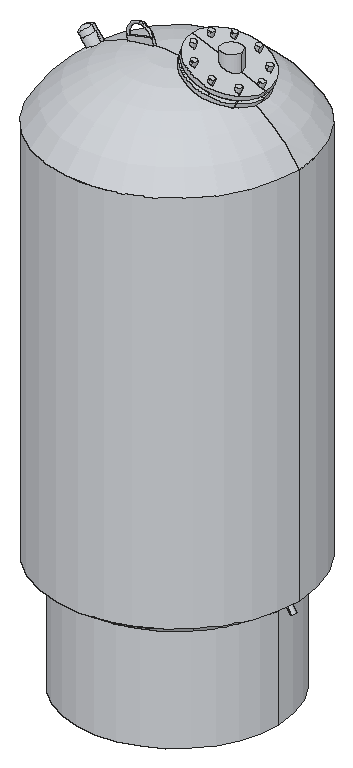
Revit family "TXA-1000", category Mechanical Equipment, Revit 2014
Parameters
  VoidLength = D * 0.25  # 7 1/2"
  URL = "http://westank.com/"
  TankVolume = "264 Gallons"
  SystemConnectionAngle = 50.00°
  PartNumber = "20011000"
  OuterRadius = D / 2  # 15"
  Model = "TXA-1000"
  MaximumOperatingTemperature = "240°F"
  MaximumOperatingPressure = "150 PSIG"
  Manufacturer = "Wessels Company"
  InnerRadius = (D * 0.9844) / 2  # 14.766"
  HandleAngle = 120.00°
  G = 8"
  F = 30"
  E = 7.9997"
  DrainAngle = 63.00°
  D = 30"
  C = 3"
  BottomOfTheCylinder = 6.11811"
  B = 86 1/2"
  ApproximateShipmentWeight = "795 lbs"
  Angle = 35.00°
  A = 36"
Reference planes (in)
  plane 1 "Center (Front/Back)": y = 0
  plane 2: z = 0
  plane 3 "Center (Left/Right)": x = 0
  plane 4: x = -18
  plane 5: y = 1.9685
  plane 6: y = -1.9685
  plane 7: z = 86.5
  plane 8: x = 18
  plane 9: y = 0.15626
  plane 10: y = -0.15626
  plane 11: x = -18
  plane 12: x = 18
  plane 13: x = -15
  plane 14: x = 15
  plane 15: y = 0
  plane 16: y = 8.22887
  plane 17: y = -8.22887
  plane 18: through (0.00466, -180, 75.19677) normal (-0.9999, 0, -0.0139)
  plane 19: z = 72.08887
  plane 20: z = 8
  plane 21: x = 7.9997
  plane 22: z = 71.58887
  plane 23: z = 72.58887
  plane 24: z = 6.72047
  plane 25: y = 0.25884
  plane 26: through (15.01807, -180, 15.74426) normal (-0.5736, 0, 0.8192)
Forms (in)
  Revolve 1, solid
    sketch origin (0, 0, -5.125) x (1, 0, 0) y (0, 0, 1)
      loop
        arc (0, 87.99306) -> (-10.26029, 86.18744) -> (-18, 79.21387) r 18.87587
        line (-18, 79.21387) -> (-18, 22.49834)
        arc (-18, 22.49834) -> (-9.46773, 18.31363) -> (0, 17.49306) r 25.86401
        line (0, 17.49306) -> (0, 87.99306)
      axis (0, 87.99306) -> (0, 17.49306)
    angle from 0 to 360
  Extrusion 2, solid
    sketch origin (0, 0, 0) x (1, 0, 0) y (0, 1, 0)
      loop
        circle (0, 0) r 15
      loop
        circle (0, 0) r 14.766
    from 19.49834 to 0
  Revolve 3, solid
    sketch origin (-8.7822, 0, 75.44099) x (-0.587785, 0, 0.809017) y (-0.809017, 0, -0.587785)
      loop
        line (5.44847, -0.0719) -> (5.44847, -1.16029) -> (6.95487, -1.16029) -> (6.95487, -1.12732) -> (7.76301, -1.12732)
        arc (7.76301, -1.12732) -> (8.10825, -0.65594) -> (8.12516, -0.0719) r 0.9835
        line (8.12516, -0.0719) -> (5.44847, -0.0719)
      axis (5.44847, -0.0719) -> (8.12516, -0.0719)
    angle from 0 to 360
  Sweep 4, solid
    path origin (-3.95277, 0, 77.53196) x (-0.231621, 0, 0.972806) y (-0.972806, 0, -0.231621)
      loop
        arc (6.10198, 1.75) -> (7.85198, 0) -> (6.10198, -1.75) r 1.75
    profile origin (-5.77146, 0, 85.17041) x (-0.231621, 0, 0.972806) y (0, -1, 0)
      loop
        circle (0, 0) r 0.15625
  Extrusion 5, solid
    sketch origin (-2.82362, 0, 72.78953) x (-0.231621, 0, 0.972806) y (-0.972806, 0, -0.231621)
      loop
        line (10.97698, 1.90561) -> (10, 1.90561) -> (10, -1.9095) -> (10.97698, -1.9095) -> (10.97698, 1.90561)
    from 0.15626 to -0.15626
  Sweep 6, solid
    path origin (-12.625, 0, 48.58927) x (-1, 0, 0) y (0, 0, -1)
      loop
        arc (6.10198, 1.75) -> (7.85198, 0) -> (6.10198, -1.75) r 1.75
    profile origin (-20.47698, 0, 48.58927) x (-1, 0, 0) y (0, -1, 0)
      loop
        circle (0, 0) r 0.15625
  Extrusion 7, solid
    sketch origin (-7.75, 0, 48.58927) x (-1, 0, 0) y (0, 0, -1)
      loop
        line (10.97698, 1.90561) -> (10, 1.90561) -> (10, -1.9095) -> (10.97698, -1.9095) -> (10.97698, 1.90561)
    from 0.15626 to -0.15626
  Extrusion 8, solid
    sketch origin (0, 0, 0) x (0, 1, 0) y (0, 0, 1)
      loop
        circle (0, 72.08887) r 0.5
    from -17.65104 to -19.22575
  Revolve 9, solid
    sketch origin (3.7821, 0, 73.80785) x (0.342994, 0, 0.939338) y (-0.939338, 0, 0.342994)
      loop
        line (11.53359, 0) -> (7.79343, 0) -> (7.79343, -3.1338)
        arc (7.79343, -3.1338) -> (8.77769, -2.90837) -> (9.76194, -3.1338) r 2.26145
        line (9.76194, -3.1338) -> (9.76194, -5.73442) -> (10.35249, -5.73442) -> (10.35249, -5.11813) -> (10.94304, -5.11813) -> (10.94304, -5.73442) -> (11.53359, -5.73442) -> (11.53359, 0)
      axis (7.79343, 0) -> (11.53359, 0)
    angle from 0 to 360
  Extrusion 10, solid
    sketch origin (8.73941, -2.56268, 84.27217) x (0.939354, 0, -0.342949) y (-0.000008, 1, -0.000022)
      loop
        circle (-3.74768, 6.40672) r 0.3937
    from 0.59055 to -2.3622
  Extrusion 11, solid
    sketch origin (6.9304, -2.64003, 84.93271) x (0.712962, -0.651106, -0.260283) y (0.6116, 0.758987, -0.223348)
      loop
        circle (-3.74768, 6.40672) r 0.3937
    from 0.59055 to -2.3622
  Extrusion 12, solid
    sketch origin (5.51009, -1.44481, 85.45133) x (0.142911, -0.988362, -0.052132) y (0.928397, 0.152123, -0.339024)
      loop
        circle (-3.74768, 6.40672) r 0.3937
    from 0.59055 to -2.3622
  Extrusion 13, solid
    sketch origin (5.16308, 0.44684, 85.57804) x (-0.496018, -0.849202, 0.181169) y (0.797679, -0.528068, -0.291293)
      loop
        circle (-3.74768, 6.40672) r 0.3937
    from 0.59055 to -2.3622
  Extrusion 14, solid
    sketch origin (6.05666, 2.1231, 85.25176) x (-0.895846, -0.300705, 0.327164) y (0.282456, -0.953717, -0.103162)
      loop
        circle (-3.74768, 6.40672) r 0.3937
    from 0.59055 to -2.3622
  Extrusion 15, solid
    sketch origin (7.76009, 2.77597, 84.62976) x (-0.863845, 0.392739, 0.31548) y (-0.368923, -0.91965, 0.134685)
      loop
        circle (-3.74768, 6.40672) r 0.3937
    from 0.59055 to -2.3622
  Extrusion 16, solid
    sketch origin (9.45228, 2.09076, 84.01186) x (-0.415441, 0.896873, 0.151747) y (-0.842475, -0.442288, 0.3076)
      loop
        circle (-3.74768, 6.40672) r 0.3937
    from 0.59055 to -2.3622
  Extrusion 17, solid
    sketch origin (10.31754, 0.39774, 83.69592) x (0.233224, 0.968691, -0.085109) y (-0.909936, 0.248268, 0.332233)
      loop
        circle (-3.74768, 6.40672) r 0.3937
    from 0.59055 to -2.3622
  Extrusion 18, solid
    sketch origin (9.9388, -1.48699, 83.83421) x (0.769477, 0.573576, -0.280919) y (-0.538789, 0.819153, 0.196711)
      loop
        circle (-3.74768, 6.40672) r 0.3937
    from 0.59055 to -2.3622
  Extrusion 19, solid
    sketch origin (8.16797, 0, 104.52822) x (1, 0, 0) y (0, 1, 0)
      loop
        circle (-0.14143, 0) r 1.5
    from -20.98349 to -18.02822
Cuts and joins
  joined: Revolve 1, Extrusion 2, Revolve 3, Extrusion 5, Extrusion 7, Revolve 9, Extrusion 19
Dimensions and locks (in)
  equal spacing: plane 5, plane 1 "Center (Front/Back)", plane 6
  "B": plane 7 to level
  equal spacing: plane 8, plane 3 "Center (Left/Right)", plane 4
  "A": plane 8 to plane 4
  plane 9 to plane 10 = 0.31252"
  equal spacing: plane 12, plane 3 "Center (Left/Right)", plane 11
  equal spacing: plane 14, plane 3 "Center (Left/Right)", plane 13
  "F": plane 14 to plane 13
  locked: Revolve 3 sketch curve to Revolve 3 sketch curve at 0.03297
  equal spacing: plane 16, plane 15, plane 17
  locked: Revolve 1 to plane 19 at 2
  locked: Extrusion 8 sketch curve to plane 15 at 0
  locked: Extrusion 8 sketch curve to plane 19
  locked: Revolve 9 sketch curve to Revolve 9 sketch curve at 0.59055  (x3)
  locked: Revolve 9 sketch curve to Revolve 9 sketch curve at 1.9685
  plane 1 "Center (Front/Back)" to Extrusion 19 sketch curve = 0"
  "E": plane 21 to plane 3 "Center (Left/Right)"
  locked: plane 23 to plane 22 at 1
  equal spacing: plane 23, plane 19, plane 22
  "OuterRadius": radius of Extrusion 2 sketch curve
  "InnerRadius": radius of Extrusion 2 sketch curve
  "C": diameter of Extrusion 19 sketch curve
  aligned and locked: level to plane 2
  aligned and locked: Extrusion 2 to level
  aligned and locked: plane 4 to Revolve 1 sketch curve
  aligned and locked: Revolve 3 sketch curve to Revolve 3 sketch curve
  aligned and locked: Extrusion 5 sketch curve to Sweep 4
  aligned and locked: Extrusion 5 to plane 10
  aligned and locked: plane 9 to Extrusion 5
  aligned and locked: Extrusion 7 sketch curve to Sweep 6
  aligned and locked: Revolve 9 sketch curve to Revolve 9 sketch curve
  aligned and locked: plane 7 to cut or joined group of Revolve 1, Extrusion 2, Revolve 3, Extrusion 5, Extrusion 7, Revolve 9, Extrusion 19
Automatic sketch dimensions
  Revolve 1 sketch curve to plane 3 "Center (Left/Right)" = 0"  (x2)
  Revolve 1 sketch curve to plane 3 "Center (Left/Right)" = 2.5386"
  Revolve 1 sketch curve to plane 3 "Center (Left/Right)" = 1.98565"
  plane 20 to Revolve 1 sketch curve = 4.36806"
  Revolve 1 sketch curve to Revolve 1 sketch curve = 5.00528"
  Revolve 1 sketch curve to Revolve 1 sketch curve = 11.96462"
  Sweep 6 sketch curve to plane 4 = 0.72698"
  Sweep 6 sketch curve to Sweep 6 sketch curve = 1 3/4"
  Sweep 6 sketch curve to profile plane = 0"
  profile plane to Sweep 6 sketch curve = 0"
  plane 4 to Extrusion 7 sketch curve = 1/4"
  Extrusion 7 sketch curve to Extrusion 7 sketch curve = 3.81511"
  plane 22 to Revolve 1 sketch curve = 7.49195"
  Revolve 1 sketch curve to plane 23 = 1 1/2"
  plane 19 to Revolve 1 sketch curve = 0.0062"
  plane 22 to Sweep 6 sketch curve = 22.9996"
  plane 22 to Extrusion 7 sketch curve = 21.0901"
  Revolve 9 sketch curve to plane 7 = 5.37148"
  Revolve 9 sketch curve to Revolve 9 sketch curve = 0.98425"
  Revolve 9 sketch curve to Revolve 9 sketch curve = 3.1338"
  Revolve 9 sketch curve to Revolve 9 sketch curve = 1.98434"
  Revolve 9 sketch curve to Revolve 9 sketch curve = 0.05169"
  Revolve 9 sketch curve to Revolve 9 sketch curve = 0.61629"
  Revolve 9 sketch curve to Revolve 9 sketch curve = 19.38704"
  Revolve 9 sketch curve to Revolve 9 sketch curve = 0.1272"
  Revolve 9 sketch curve to Revolve 9 sketch curve = 0"
  Sweep 4 sketch curve to plane 7 = 3.032"
  plane 18 to Sweep 4 sketch curve = 5.25557"
  Sweep 4 sketch curve to Sweep 4 sketch curve = 1 3/4"
  Sweep 4 sketch curve to profile plane = 0"
  profile plane to Sweep 4 sketch curve = 0"
  Extrusion 5 sketch curve to Extrusion 5 sketch curve = 0.97698"
  Extrusion 5 sketch curve to plane 7 = 2.58972"
  Extrusion 5 sketch curve to Extrusion 5 sketch curve = 3.81511"
  plane 13 to Revolve 3 sketch curve = 3.07344"
  Revolve 3 sketch curve to plane 7 = 6.60885"
  Revolve 3 sketch curve to Revolve 3 sketch curve = 1.5064"
  Revolve 3 sketch curve to Revolve 3 sketch curve = 0"
  Revolve 3 sketch curve to Revolve 3 sketch curve = 0.22312"
  Revolve 3 sketch curve to Revolve 3 sketch curve = 0.80814"
  Revolve 3 sketch curve to Revolve 3 sketch curve = 0.94717"
  Revolve 3 sketch curve to Revolve 3 sketch curve = 0.26484"
  Revolve 3 sketch curve to Revolve 3 sketch curve = 5.44847"
  Revolve 3 sketch curve to Revolve 3 sketch curve = 0.07201"
  Extrusion 2 sketch curve to Extrusion 2 sketch curve = 0"  (x2)
  plane 1 "Center (Front/Back)" to Extrusion 2 sketch curve = 0"
  Extrusion 2 sketch curve to plane 3 "Center (Left/Right)" = 0"
  plane 21 to Extrusion 19 sketch curve = 0.02684"
  Revolve 9 sketch curve to plane 21 = 1.5445"
  radius of Extrusion 10 sketch curve = 0.3937"
  radius of Extrusion 11 sketch curve = 0.3937"
  radius of Extrusion 12 sketch curve = 0.3937"
  radius of Extrusion 13 sketch curve = 0.3937"
  radius of Extrusion 14 sketch curve = 0.3937"
  radius of Extrusion 15 sketch curve = 0.3937"
  radius of Extrusion 16 sketch curve = 0.3937"
  radius of Extrusion 17 sketch curve = 0.3937"
  radius of Extrusion 18 sketch curve = 0.3937"
  radius of Sweep 6 sketch curve = 5/32"
  radius of Extrusion 8 sketch curve = 1/2"
  radius of Sweep 4 sketch curve = 5/32"
Nested families (in)
  nested 1: "BottomExtrusion" at (16.23458, 0, 16.59607) x (0, 1, 0) z (-0.5736, 0, 0.8192), type "BottomExtrusion"
    with ExtrusionHeight 1.56584", EctrusionWidth 3/4"
Connectors (in)
  piping at (8.02654, 0, 86.5), diameter 3, driven by "C"
    settings: on cut or joined group of Revolve 1, Extrusion 2, Revolve 3, Extrusion 5, Extrusion 7, Revolve 9, Extrusion 19, index 1, connector inside diameter 24", connector length 0", flow factor 0, pipe flow 0 GPM, pressure drop 0.00 psi, fitting loss kfactor 0, connector angle 0.00°, fixture units 0, engagement length 0", angle of deflection 0.00°, flow configuration 0, flow direction 0, fitting loss method 0, system type 7, joint type 0, gender type 0, connector reference index -1, connector utility 0, adjustable connector no, is connector primary yes, connector description ""
Definition of nested family "BottomExtrusion"
  Parameters (values of type "BottomExtrusion")
    ExtrusionHeight [instance] = 1.56584"
    EctrusionWidth [instance] = 3/4"
    Default Elevation = 48"
  Reference planes (in)
    plane 1 "Center (Front/Back)": y = 0
    plane 2: z = 0
    plane 3 "Center (Left/Right)": x = 0
    plane 4: x = -0.375
    plane 5: x = 0.375
    plane 6: z = 0.62834
    plane 7: z = -1.56584
  Forms (in)
    Extrusion 1, solid
      sketch origin (0, 0, 0) x (1, 0, 0) y (0, 1, 0)
        loop
          line (-48, 48) -> (-48, -48) -> (48, -48) -> (48, 48) -> (-48, 48)
      from 0 to -12
    Revolve 2, solid
      sketch origin (0, 0, 0) x (1, 0, 0) y (0, 0, 1)
        loop
          line (0, 0.62834) -> (0, -1.56584) -> (0.375, -1.56584) -> (0.375, 0.62834) -> (0, 0.62834)
        axis (0, 0.62834) -> (0, -1.56584)
      angle from 0 to 360
  Dimensions and locks (in)
    equal spacing: plane 5, plane 3 "Center (Left/Right)", plane 4
    "EctrusionWidth": plane 5 to plane 4
    "ExtrusionHeight": plane 2 to plane 7
    aligned and locked: plane 2 to Extrusion 1
    aligned and locked: level to Extrusion 1
    aligned and locked: Revolve 2 sketch curve to plane 3 "Center (Left/Right)"
    aligned and locked: Revolve 2 sketch curve to plane 6
    aligned and locked: plane 7 to Revolve 2 sketch curve
  Automatic sketch dimensions
    Extrusion 1 sketch curve to Extrusion 1 sketch curve = 96"  (x2)
    Revolve 2 sketch curve to plane 3 "Center (Left/Right)" = 0"
    Revolve 2 sketch curve to plane 5 = 0"
    Revolve 2 sketch curve to Revolve 2 sketch curve = 23.28881"
    Revolve 2 sketch curve to Revolve 2 sketch curve = 101.27798"
